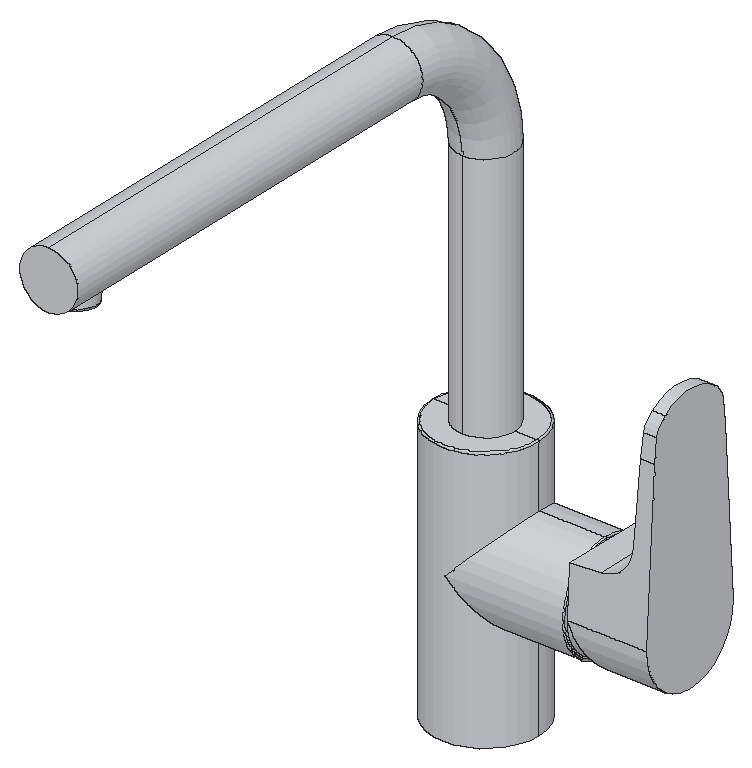
Revit family "Faucet-Kitchen-KOHLER-ALEO-K-99175T_1", category Plumbing Fixtures, host Face, Revit 2017
Family settings
  Host = Face
  Round Connector Dimension = Use Diameter
  Part Type = Normal
  OmniClass Number = 23.31.11.00
  Cut with Voids When Loaded = No
  Shared = No
  Room Calculation Point = No
Parameters (values of type "CP-Polished Chrome")
  Width = 1 13/16"  # constant formula
  WaterSense Certified = 1 = 0  # no
  Waste Water Outlet = "Waste Water Outlet"  # constant formula
  Waste Connection = 1 = 0  # no
  Vent Connection = 1 = 0  # no
  URL = "http://www.kohler.com.cn/"
  Type = 1
  Spout Reach = 8 179/256"  # constant formula
  Product Page URL = "https://www.kohler.com.cn/product/K-99175T-4-CP/K-99175T-4-CP/"
  Product Name = "ALEO"  # constant formula
  Product Documentation Link = "https://files.kohler.com.cn/pdfs/1474614101871_99175t.pdf"
  Pressure = 60.00 psi  # constant formula
  Model = "K-99175T-4-CP"  # constant formula
  Material = "Premium Metal Construction"  # constant formula
  Master Format 2014 Name = "Residential Faucets, Supplies, and Trim"  # constant formula
  Master Format 2014 = "22 41 39"  # constant formula
  Manufacturer Address = "Kohler Beijing Office (100016) 36-2-03-B, No. 88, Liuxiang Road, Beijing"  # constant formula
  Manufacturer = "KOHLER Co."  # constant formula
  Length = Spout Reach  # 8 179/256"
  Hot Water Inlet = "Hot Water Inlet"  # constant formula
  Height = 11 41/256"  # constant formula
  Handle Clearance = 3 159/256"  # constant formula
  HW Connection = 1 = 1  # yes
  Flow Rate = 1.5 GPM  # constant formula
  Finish = Kohler-Metal-CP-Polished_Chrome
  Environmental Product Declaration = ""
  Drain Included = 1 = 0  # no
  Description = "Pull-out kitchen faucet"  # constant formula
  Default Elevation = 36"
  Declare Label = ""
  Date Modified = "09/28/2020"  # constant formula
  Date Created = "09/28/2020"  # constant formula
  Copyright = "Copyright KOHLER Co."  # constant formula
  Contact Us = "http://www.kohler.com.cn/contact/contact-us/"
  Cold Water Inlet = "Cold Water Inlet"  # constant formula
  CW Connection = 1 = 1  # yes
  Assembly Code = "D2010"
  ADA Compliant = 1 = 0  # no
Reference planes (in)
  plane 1 "Center (Front/Back)": y = 0
  plane 2: z = 0
  plane 3 "Center (Left/Right)": x = 0
  plane 4: y = -0.90551
  plane 5: y = 0.90551
  plane 6: x = -0.90551
  plane 7: x = 0.90699
  plane 8: y = -9.25197
  plane 9: x = 3.46457
  plane 10: x = 0.49213
  plane 11: x = -0.49213
  plane 12: z = 6.14078
  plane 13: z = 4.48819
  plane 14: z = 2.51969
  plane 15: z = 10.17717
  plane 16: z = 10.66929
  plane 17: y = -8.69922
  plane 18: x = -0.3937
  plane 19: x = 0.3937
  plane 20: z = 11.16016
  plane 21: z = 3.42513
  plane 22: z = 1.61424
  plane 23: y = -4.40945
  plane 24: z = 10.13377
Dimensions and locks (in)
  "Width": plane 6 to plane 7
  "Spout Reach": plane 17 to plane 1 "Center (Front/Back)"
  "Height": plane 20 to level
  "Length": plane 17 to plane 1 "Center (Front/Back)"
  "Handle Clearance": plane 12 to plane 14
  plane 13 to level = 4.48819"
  plane 14 to level = 2.51969"
  plane 12 to level = 6.14078"
  plane 9 to plane 3 "Center (Left/Right)" = 3.46457"
  plane 11 to plane 10 = 0.98425"
  plane 20 to plane 15 = 0.98299"
  plane 1 "Center (Front/Back)" to plane 8 = 9.25197"
  plane 23 to plane 8 = 4.84252"
  level to plane 16 = 10.66929"
  plane 24 to level = 10.13377"
  aligned and locked: plane 2 to host face
  aligned and locked: level to host face
Automatic sketch dimensions
  host sketch curve to host sketch curve = 96"  (x2)
Nested families (in)
  nested 1: "K-99175T" at (-0.00028, 0, 0), type "K-99175T"
Connectors (in)
  piping at (-0.39398, 0, 0), diameter 0.5, driven by "Flow Rate", driven by "HW Connection", driven by "Hot Water Inlet", driven by "Pressure"
    settings: on nested 1, index 1, connector inside diameter 24", connector length 0", flow factor 0, pipe flow 1.5 GPM, pressure drop 60.00 psi, fitting loss kfactor 0, connector angle 0.00°, fixture units 0, engagement length 0", angle of deflection 0.00°, flow configuration 1, flow direction 1, fitting loss method 4, system type 19, joint type 0, gender type 0, connector reference index -1, connector utility 1, adjustable connector no, is connector primary yes, connector description "Hot Water Inlet"
  piping at (0.39342, 0, 0), diameter 0.5, driven by "Flow Rate", driven by "CW Connection", driven by "Cold Water Inlet", driven by "Pressure"
    settings: on nested 1, index 2, connector inside diameter 24", connector length 0", flow factor 0, pipe flow 1.5 GPM, pressure drop 60.00 psi, fitting loss kfactor 0, connector angle 0.00°, fixture units 0, engagement length 0", angle of deflection 0.00°, flow configuration 1, flow direction 1, fitting loss method 4, system type 20, joint type 0, gender type 0, connector reference index -1, connector utility 1, adjustable connector no, is connector primary no, connector description "Cold Water Inlet"
Definition of nested family "K-99175T"
  Parameters (values of type "K-99175T")
    Material = none
  Reference planes (in)
    plane 1 "Center (Front/Back)": y = 0
    plane 2: z = 0
    plane 3 "Center (Left/Right)": x = 0
    plane 4: y = -0.90551
    plane 5: y = 0.90551
    plane 6: z = 10.66929
    plane 7: y = -9.25197
    plane 8: y = -8.70079
    plane 9: z = 10.17717
    plane 10: z = 11.16142
    plane 11: x = 0.90551
    plane 12: x = -0.90551
    plane 13: z = 6.14173
    plane 14: z = 2.51969
    plane 15: x = -0.3937
    plane 16: x = 0.3937
    plane 17: x = 3.46457
    plane 18: z = 4.48819
    plane 19: x = 0.49213
    plane 20: x = -0.49213
    plane 21: y = -4.40945
  Forms (in)
    Revolve 1, solid, material <- "Material", detail levels medium+fine
      sketch origin (0, 0, 0) x (1, 0, 0) y (0, 0, 1)
        loop
          line (0, 0) -> (0, 4.48819) -> (-0.877, 4.48819)
          arc (-0.877, 4.48819) -> (-0.89578, 4.48041) -> (-0.90356, 4.46163) r 0.02656
          line (-0.90356, 4.46163) -> (-0.90356, 0) -> (0, 0)
        axis (0, 4.48819) -> (0, 0)
      angle from 0 to 360
    Sweep 2, solid, material <- "Material"
      path origin (0, 0, 0) x (0, 1, 0) y (0, 0, 1)
        loop
          line (0, 4.48819) -> (0, 8.71381)
          arc (0, 8.71381) -> (-0.57275, 10.09654) -> (-1.95549, 10.66929) r 1.95549
          line (-1.95549, 10.66929) -> (-9.25197, 10.66929)
      profile origin (0, 0, 6.601) x (0, -1, 0) y (1, 0, 0)
        loop
          circle (0, 0) r 0.49213
    Revolve 3, solid, material <- "Material", detail levels medium+fine
      sketch origin (0, 0, 0) x (1, 0, 0) y (0, 0, 1)
        loop
          line (2.59134, 2.51969) -> (2.59134, 2.95287)
          arc (2.59134, 2.95287) -> (2.37229, 3.22919) -> (2.04724, 3.36584) r 0.70914
          line (2.04724, 3.36584) -> (2.04724, 3.40024)
          arc (2.04724, 3.40024) -> (2.04117, 3.41491) -> (2.02649, 3.42099) r 0.02075
          line (2.02649, 3.42099) -> (-0.00009, 3.42099) -> (-0.00009, 2.51969) -> (2.59134, 2.51969)
        axis (-0.00009, 2.51969) -> (2.59134, 2.51969)
      angle from 0 to 360
    Extrusion 4, solid, material <- "Material", detail levels medium+fine
      sketch origin (0, 0, 0) x (1, 0, 0) y (0, 0, 1)
        loop
          line (2.1131, 2.55661) -> (2.65445, 1.4161) -> (3.44322, 1.4161)
          arc (3.44322, 1.4161) -> (3.45832, 1.42235) -> (3.46457, 1.43744) r 0.02134
          line (3.46457, 1.43744) -> (3.46457, 6.2885)
          arc (3.46457, 6.2885) -> (3.35508, 6.25233) -> (3.25488, 6.19528) r 0.58189
          line (3.25488, 6.19528) -> (3.17925, 4.02956)
          arc (3.17925, 4.02956) -> (3.01387, 3.63994) -> (2.63025, 3.46106) r 0.59055
          line (2.63025, 3.46106) -> (2.1131, 3.4249) -> (2.1131, 2.55661)
      from -1.72461 to 1.8964
    Revolve 5, solid, material <- "Material", detail levels medium+fine
      sketch origin (0, 0, 0) x (0, 1, 0) y (0, 0, 1)
        loop
          line (-9.0415, 10.16269) -> (-8.98001, 10.15731)
          arc (-8.98001, 10.15731) -> (-8.96163, 10.16311) -> (-8.95273, 10.18021) r 0.02519
          line (-8.95273, 10.18021) -> (-8.94783, 10.23623) -> (-8.70698, 10.21516) -> (-8.67993, 10.52429) -> (-9.03206, 10.55509) -> (-9.06404, 10.18955)
          arc (-9.06404, 10.18955) -> (-9.05834, 10.17145) -> (-9.0415, 10.16269) r 0.02479
        axis (-8.67993, 10.52429) -> (-8.71407, 10.13405)
      angle from 0 to 360
    Extrusion 6, void
      sketch origin (0, 0, 0) x (0, 1, 0) y (0, 0, 1)
        loop
          line (0.90521, 2.57468) -> (0.74771, 5.34731)
          arc (0.74771, 5.34731) -> (0.72934, 5.53724) -> (0.696, 5.72512) r 2.40836
          arc (0.696, 5.72512) -> (0.64734, 5.85546) -> (0.5641, 5.96693) r 0.49126
          arc (0.5641, 5.96693) -> (0.02711, 6.16468) -> (-0.51944, 5.99511) r 0.89119
          arc (-0.51944, 5.99511) -> (-0.63256, 5.87636) -> (-0.696, 5.72512) r 0.45314
          arc (-0.696, 5.72512) -> (-0.72934, 5.53724) -> (-0.74771, 5.34731) r 2.40836
          line (-0.74771, 5.34731) -> (-0.90521, 2.57468)
          arc (-0.90521, 2.57468) -> (0, 1.61659) -> (0.90521, 2.57468) r 0.90667
        loop
          line (-3.07128, 7.58169) -> (-3.07128, 0.88878) -> (2.44054, 0.88878) -> (2.44054, 7.58169) -> (-3.07128, 7.58169)
      from 2.04724 to 5.81188
    Extrusion 7, void
      sketch origin (0, 0, 0) x (1, 0, 0) y (0, 1, 0)
        loop
          circle (0, -4.40945) r 0.14147
        loop
          circle (0, -3.87783) r 0.1378
        loop
          circle (0, -6.10227) r 0.11024
      from 10.05382 to 10.32389
    Extrusion 8, solid, material <- "Material", detail levels medium+fine
      sketch origin (0, 0, 0) x (1, 0, 0) y (0, 1, 0)
        loop
          circle (-0.3937, 0) r 0.25
        loop
          circle (0.3937, 0) r 0.25
      from 0 to 0.04437
    Revolve 9, solid, material <- "Material", detail levels medium+fine
      sketch origin (0, 0, 0) x (0, 1, 0) y (0, 0, 1)
        loop
          line (0.9252, 3.95669) -> (0.9252, 4.14173)
          arc (0.9252, 4.14173) -> (0.9137, 4.16795) -> (0.88662, 4.17725) r 0.03564
          arc (0.88662, 4.17725) -> (0.8587, 4.06861) -> (0.85111, 3.95669) r 0.61103
          line (0.85111, 3.95669) -> (0.9252, 3.95669)
        axis (0.85111, 3.95669) -> (0.9252, 3.95669)
      angle from 0 to 360
    Revolve 10, solid, material <- "Material", detail levels coarse
      sketch origin (0, 0, 0) x (1, 0, 0) y (0, 0, 1)
        loop
          line (0, 0) -> (0, 4.48819) -> (-0.92114, 4.48819) -> (-0.92114, 0) -> (0, 0)
        axis (0, 4.48819) -> (0, 0)
      angle from 0 to 360
    Revolve 11, solid, material <- "Material", detail levels coarse
      sketch origin (0, 0, 0) x (1, 0, 0) y (0, 0, 1)
        loop
          line (3.30244, 2.51969) -> (3.30244, 3.4249) -> (-0.00009, 3.4249) -> (-0.00009, 2.51969) -> (3.30244, 2.51969)
        axis (-0.00009, 2.51969) -> (3.30244, 2.51969)
      angle from 0 to 360
    Extrusion 12, solid, material <- "Material", detail levels coarse
      sketch origin (0, 0, 0) x (1, 0, 0) y (0, 0, 1)
        loop
          line (3.46457, 1.61551) -> (3.46457, 6.2885)
          arc (3.46457, 6.2885) -> (3.35508, 6.25233) -> (3.25488, 6.19528) r 0.58189
          line (3.25488, 6.19528) -> (3.09495, 1.61551) -> (3.46457, 1.61551)
      from -1.72461 to 1.8964
  Cuts and joins
    joined: Revolve 1, Revolve 5, Revolve 9
    Extrusion 6 cuts Extrusion 4
    joined: Revolve 3, Extrusion 4
    Extrusion 6, Extrusion 7 cuts Sweep 2
    Extrusion 6 cuts Extrusion 12
    joined: Revolve 10, Extrusion 12
  Lines and regions (in)
    Masking region 1
      outline origin (0, 0, 0) x (1, 0, 0) y (0, 1, 0)
        loop
          arc (0, -9.25197) -> (0.23041, -9.23936) -> (0.45919, -9.20923) r 3.02755
          arc (0.45919, -9.20923) -> (0.48279, -9.19574) -> (0.49213, -9.1702) r 0.0396
          line (0.49213, -9.1702) -> (0.49213, -4.42921)
          arc (0.49213, -4.42921) -> (0.48634, -4.41524) -> (0.47236, -4.40945) r 0.01977
          arc (0.47236, -4.40945) -> (0.48634, -4.40366) -> (0.49213, -4.38968) r 0.01977
          line (0.49213, -4.38968) -> (0.49213, -0.90551) -> (2.02031, -0.90551)
          arc (2.02031, -0.90551) -> (2.03935, -0.89762) -> (2.04724, -0.87857) r 0.02694
          line (2.04724, -0.87857) -> (2.04724, -0.8466) -> (2.1131, -0.83851) -> (2.1131, -0.90606) -> (3.44341, -0.90606)
          arc (3.44341, -0.90606) -> (3.45837, -0.89986) -> (3.46457, -0.88489) r 0.02116
          line (3.46457, -0.88489) -> (3.46457, 0.88489)
          arc (3.46457, 0.88489) -> (3.45837, 0.89986) -> (3.44341, 0.90606) r 0.02116
          line (3.44341, 0.90606) -> (2.1131, 0.90606) -> (2.1131, 0.83851) -> (2.04724, 0.8466) -> (2.04724, 0.87857)
          arc (2.04724, 0.87857) -> (2.03935, 0.89762) -> (2.02031, 0.90551) r 0.02694
          line (2.02031, 0.90551) -> (0.21434, 0.90551)
          arc (0.21434, 0.90551) -> (0.20269, 0.91982) -> (0.18504, 0.9252) r 0.03165
          line (0.18504, 0.9252) -> (-0.18504, 0.9252)
          arc (-0.18504, 0.9252) -> (-0.21303, 0.91049) -> (-0.21681, 0.8791) r 0.034
          arc (-0.21681, 0.8791) -> (-0.893, 0.14997) -> (-0.49213, -0.76006) r 0.90542
          line (-0.49213, -0.76006) -> (-0.49213, -4.38968)
          arc (-0.49213, -4.38968) -> (-0.48634, -4.40366) -> (-0.47236, -4.40945) r 0.01977
          arc (-0.47236, -4.40945) -> (-0.48634, -4.41524) -> (-0.49213, -4.42921) r 0.01977
          line (-0.49213, -4.42921) -> (-0.49213, -9.1702)
          arc (-0.49213, -9.1702) -> (-0.48279, -9.19574) -> (-0.45919, -9.20923) r 0.0396
          arc (-0.45919, -9.20923) -> (-0.23041, -9.23936) -> (0, -9.25197) r 3.02755
    Masking region 2
      outline origin (0, 0, 0) x (1, 0, 0) y (0, 0, 1)
        loop
          line (0.90551, 0) -> (0.90551, 1.35095)
          arc (0.90551, 1.35095) -> (0.98261, 1.53708) -> (1.16874, 1.61417) r 0.26322
          line (1.16874, 1.61417) -> (2.02086, 1.61417)
          arc (2.02086, 1.61417) -> (2.03952, 1.6219) -> (2.04724, 1.64056) r 0.02638
          line (2.04724, 1.64056) -> (2.04724, 1.67339)
          arc (2.04724, 1.67339) -> (2.26299, 1.71452) -> (2.46301, 1.80522) r 0.92761
          line (2.46301, 1.80522) -> (2.5521, 1.61417) -> (3.43682, 1.61417)
          arc (3.43682, 1.61417) -> (3.45644, 1.6223) -> (3.46457, 1.64192) r 0.02774
          line (3.46457, 1.64192) -> (3.46457, 6.14173)
          arc (3.46457, 6.14173) -> (3.41714, 6.12369) -> (3.37781, 6.09164) r 0.1591
          arc (3.37781, 6.09164) -> (3.30791, 5.98926) -> (3.26617, 5.87253) r 0.48616
          arc (3.26617, 5.87253) -> (3.22499, 5.66187) -> (3.21398, 5.4475) r 1.51575
          arc (3.21398, 5.4475) -> (3.20818, 4.88354) -> (3.18958, 4.31984) r 24.86208
          arc (3.18958, 4.31984) -> (3.16444, 4.06082) -> (3.11233, 3.80586) r 2.48269
          arc (3.11233, 3.80586) -> (2.94692, 3.56657) -> (2.67847, 3.45453) r 0.51681
          arc (2.67847, 3.45453) -> (2.39621, 3.43155) -> (2.1131, 3.4249) r 4.90458
          line (2.1131, 3.4249) -> (2.1131, 3.35892) -> (2.04724, 3.36584) -> (2.04724, 3.39785)
          arc (2.04724, 3.39785) -> (2.03932, 3.41697) -> (2.0202, 3.4249) r 0.02704
          line (2.0202, 3.4249) -> (1.18517, 3.4249)
          arc (1.18517, 3.4249) -> (0.98742, 3.5068) -> (0.90551, 3.70455) r 0.27965
          line (0.90551, 3.70455) -> (0.90551, 4.46176)
          arc (0.90551, 4.46176) -> (0.89777, 4.48045) -> (0.87908, 4.48819) r 0.02643
          line (0.87908, 4.48819) -> (0.49213, 4.48819) -> (0.49213, 10.66929)
          arc (0.49213, 10.66929) -> (0.34799, 11.01728) -> (0, 11.16142) r 0.49213
          arc (0, 11.16142) -> (-0.34799, 11.01728) -> (-0.49213, 10.66929) r 0.49213
          line (-0.49213, 10.66929) -> (-0.49213, 4.48819) -> (-0.87908, 4.48819)
          arc (-0.87908, 4.48819) -> (-0.89777, 4.48045) -> (-0.90551, 4.46176) r 0.02643
          line (-0.90551, 4.46176) -> (-0.90551, 0) -> (0.90551, 0)
    Masking region 3
      outline origin (0, 0, 0) x (0, 1, 0) y (0, 0, 1)
        loop
          line (0.90551, 0) -> (0.90551, 3.73992)
          arc (0.90551, 3.73992) -> (0.91988, 3.75298) -> (0.9252, 3.77165) r 0.03542
          line (0.9252, 3.77165) -> (0.9252, 4.14173)
          arc (0.9252, 4.14173) -> (0.91976, 4.15859) -> (0.90551, 4.16911) r 0.02888
          line (0.90551, 4.16911) -> (0.90551, 4.46015)
          arc (0.90551, 4.46015) -> (0.8973, 4.47998) -> (0.87747, 4.48819) r 0.02804
          line (0.87747, 4.48819) -> (0.80222, 4.48819) -> (0.77747, 4.96054)
          arc (0.77747, 4.96054) -> (0.76058, 5.23103) -> (0.73827, 5.50112) r 13.53598
          arc (0.73827, 5.50112) -> (0.71086, 5.66871) -> (0.66042, 5.83086) r 1.21873
          arc (0.66042, 5.83086) -> (0.59021, 5.93853) -> (0.49202, 6.02147) r 0.4425
          line (0.49202, 6.02147) -> (0.49202, 8.6929)
          arc (0.49202, 8.6929) -> (-0.23099, 10.4384) -> (-1.9765, 11.16142) r 2.46852
          line (-1.9765, 11.16142) -> (-9.18142, 11.16142)
          arc (-9.18142, 11.16142) -> (-9.20721, 11.15186) -> (-9.22054, 11.1278) r 0.03957
          arc (-9.22054, 11.1278) -> (-9.24572, 10.89919) -> (-9.25197, 10.66929) r 2.78853
          arc (-9.25197, 10.66929) -> (-9.24572, 10.43939) -> (-9.22054, 10.21078) r 2.78853
          arc (-9.22054, 10.21078) -> (-9.20721, 10.18672) -> (-9.18142, 10.17717) r 0.03957
          line (-9.18142, 10.17717) -> (-9.07412, 10.17717)
          arc (-9.07412, 10.17717) -> (-9.06069, 10.1695) -> (-9.04659, 10.16314) r 0.16456
          line (-9.04659, 10.16314) -> (-8.38522, 10.10527)
          arc (-8.38522, 10.10527) -> (-8.36994, 10.11009) -> (-8.36255, 10.12429) r 0.02092
          line (-8.36255, 10.12429) -> (-8.35792, 10.17717) -> (-1.97629, 10.17717)
          arc (-1.97629, 10.17717) -> (-0.92675, 9.74243) -> (-0.49202, 8.6929) r 1.48427
          line (-0.49202, 8.6929) -> (-0.49202, 6.02147)
          arc (-0.49202, 6.02147) -> (-0.59021, 5.93853) -> (-0.66042, 5.83086) r 0.4425
          arc (-0.66042, 5.83086) -> (-0.71086, 5.66871) -> (-0.73827, 5.50112) r 1.21873
          arc (-0.73827, 5.50112) -> (-0.76058, 5.23103) -> (-0.77747, 4.96054) r 13.53598
          line (-0.77747, 4.96054) -> (-0.80222, 4.48819) -> (-0.87747, 4.48819)
          arc (-0.87747, 4.48819) -> (-0.8973, 4.47998) -> (-0.90551, 4.46015) r 0.02804
          line (-0.90551, 4.46015) -> (-0.90551, 0) -> (0.90551, 0)
    symbolic lines, detail levels medium+fine
      curve 1: line (0.21434, 0.90551, 0) -> (-0.00009, 0.90551, 0)
      curve 2: arc (-0.00009, 0.90551, 0) -> (-0.10925, 0.89888, 0) -> (-0.21681, 0.8791, 0) r 0.90239
      curve 3: line (2.04724, 0.84616, 0) -> (2.04724, -0.84616, 0)
      curve 4: line (2.1131, -0.83851, 0) -> (2.1131, 0.83851, 0)
      curve 5: line (-0.49213, -9.1702, 0) -> (0.49213, -9.1702, 0)
      curve 6: line (-0.47236, -4.40945, 0) -> (0.47236, -4.40945, 0)
      curve 7: arc (0.00009, 0.90542, 0) -> (0.86822, 0.25655, 0) -> (0.49213, -0.75994, 0) r 0.90542
      curve 8: arc (0.49213, -0.72649, 0) -> (-0.0002, 0.87753, 0) -> (-0.49213, -0.72661, 0) r 0.87753
      curve 9: arc (3.39295, 0.73725, 0) -> (3.33829, 0.6855, 0) -> (3.30836, 0.61644, 0) r 0.18764
      curve 10: arc (3.30836, 0.61644, 0) -> (3.22683, 0.3134, 0) -> (3.21073, 0, 0) r 1.48641
      curve 11: arc (3.07769, 0.90551, 0) -> (3.22007, 0.89228, 0) -> (3.35958, 0.86086, 0) r 1.11047
      curve 12: arc (3.35958, 0.86086, 0) -> (3.39016, 0.80281, 0) -> (3.39295, 0.73725, 0) r 0.14961
      curve 13: arc (3.39295, 0.73725, 0) -> (3.40494, 0.36872, 0) -> (3.40253, 0, 0) r 9.43409
      curve 14: arc (3.39295, -0.73725, 0) -> (3.33829, -0.6855, 0) -> (3.30836, -0.61644, 0) r 0.18764
      curve 15: arc (3.30836, -0.61644, 0) -> (3.22683, -0.3134, 0) -> (3.21073, 0, 0) r 1.48641
      curve 16: arc (3.07769, -0.90551, 0) -> (3.22007, -0.89228, 0) -> (3.35958, -0.86086, 0) r 1.11047
      curve 17: arc (3.35958, -0.86086, 0) -> (3.39016, -0.80281, 0) -> (3.39295, -0.73725, 0) r 0.14961
      curve 18: arc (3.39295, -0.73725, 0) -> (3.40494, -0.36872, 0) -> (3.40253, 0, 0) r 9.43409
      curve 19: arc (2.85285, 0, 0) -> (2.84915, 0.45316, 0) -> (2.87645, 0.90551, 0) r 6.6197
      curve 20: arc (2.85285, 0, 0) -> (2.84915, -0.45316, 0) -> (2.87645, -0.90551, 0) r 6.6197
      curve 21: arc (0.49213, 0, 0) -> (0, 0.49213, 0) -> (-0.49213, 0, 0) r 0.49213
      curve 22: line (0.49213, -0.90551, 0) -> (0.49213, 0, 0)
      curve 23: line (-0.49213, -0.90551, 0) -> (-0.49213, 0, 0)
      curve 24: line (-0.49213, 0, 4.48819) -> (0.49213, 0, 4.48819)
      curve 25: line (2.04724, 0, 3.36584) -> (2.04724, 0, 1.67339)
      curve 26: line (2.46301, 0, 1.80522) -> (2.1131, 0, 2.51969)
      curve 27: line (2.1131, 0, 3.35892) -> (2.1131, 0, 2.51969)
      curve 28: arc (0.49213, 0, 10.66929) -> (0, 0, 10.17717) -> (-0.49213, 0, 10.66929) r 0.49213
      curve 29: line (-0.35274, 0, 10.32612) -> (-0.35274, 0, 10.12802)
      curve 30: line (0.35274, 0, 10.32612) -> (0.35274, 0, 10.12802)
      curve 31: arc (0, 0, 1.2664) -> (0, -0.20743, 1.27422) -> (0, -0.41306, 1.30254) r 2.09316
      curve 32: arc (0, -0.41306, 1.30254) -> (0, -0.49837, 1.32264) -> (0, -0.58153, 1.35031) r 0.97615
      curve 33: arc (0, -0.58153, 1.35031) -> (0, -0.68952, 1.40939) -> (0, -0.77792, 1.49505) r 0.45894
      curve 34: arc (0, -0.77792, 1.49505) -> (0, -0.83833, 1.59606) -> (0, -0.87128, 1.70904) r 0.46229
      curve 35: arc (0, -0.87128, 1.70904) -> (0, -0.89348, 1.88299) -> (0, -0.90551, 2.05795) r 3.00948
      curve 36: arc (0, 0, 1.2664) -> (0, 0.20743, 1.27422) -> (0, 0.41306, 1.30254) r 2.09316
      curve 37: arc (0, 0.41306, 1.30254) -> (0, 0.49837, 1.32264) -> (0, 0.58153, 1.35031) r 0.97615
      curve 38: arc (0, 0.58153, 1.35031) -> (0, 0.68952, 1.40939) -> (0, 0.77792, 1.49505) r 0.45894
      curve 39: arc (0, 0.77792, 1.49505) -> (0, 0.83833, 1.59606) -> (0, 0.87128, 1.70904) r 0.46229
      curve 40: arc (0, 0.87128, 1.70904) -> (0, 0.89348, 1.88299) -> (0, 0.90551, 2.05795) r 3.00948
      curve 41: arc (0, -0.90551, 2.51969) -> (0, 0, 1.61417) -> (0, 0.90551, 2.51969) r 0.90551
      curve 42: line (0, -0.90551, 2.51969) -> (0, -0.80235, 4.48819)
      curve 43: line (0, 0.90551, 2.51969) -> (0, 0.80235, 4.48819)
      curve 44: arc (0, 0.49137, 6.01917) -> (0, -0.00075, 6.14173) -> (0, -0.49288, 6.01917) r 1.04929
      curve 45: line (0, -4.40945, 10.2117) -> (0, -4.40945, 11.16142)
      curve 46: arc (0, -4.56033, 10.17717) -> (0, -4.40942, 10.2117) -> (0, -4.25852, 10.17717) r 0.34696
      curve 47: arc (0, -4.01575, 10.17717) -> (0, -3.87675, 10.20875) -> (0, -3.73775, 10.17717) r 0.3217
      curve 48: arc (0, 0.90551, 4.16911) -> (0, 0.87549, 3.95452) -> (0, 0.90551, 3.73992) r 0.78206
      curve 49: line (3.30791, 0, 5.98926) -> (3.30791, 0, 3.37183)
      curve 50: line (2.1131, 0, 2.55661) -> (2.49269, 0, 2.55661)
      curve 51: arc (2.49269, 0, 2.55661) -> (3.06913, 0, 2.79538) -> (3.30791, 0, 3.37183) r 0.81522
      curve 52: spline (-0.35274, 0, 10.12802) -> (-0.34072, 0, 10.11945) -> (-0.30548, 0, 10.11146) -> (-0.24942, 0, 10.1046) -> (-0.17637, 0, 10.09934) -> (-0.09129, 0, 10.09603) -> (0, 0, 10.0949) -> (0.09129, 0, 10.09603) -> (0.17637, 0, 10.09934) -> (0.24942, 0, 10.1046) -> (0.30548, 0, 10.11146) -> (0.34072, 0, 10.11945) -> (0.35274, 0, 10.12802) -> (0.34072, 0, 10.1366) -> (0.30548, 0, 10.14459) -> (0.24942, 0, 10.15144) -> (0.17637, 0, 10.15671) -> (0.09129, 0, 10.16002) -> (0, 0, 10.16115) -> (-0.09129, 0, 10.16002) -> (-0.17637, 0, 10.15671) -> (-0.24942, 0, 10.15144) -> (-0.30548, 0, 10.14459) -> (-0.34072, 0, 10.1366) -> (-0.35274, 0, 10.12802)
      curve 53: arc (0, -8.35792, 10.17717) -> (0, -8.71602, 10.37676) -> (0, -9.07412, 10.17717) r 0.42104
  Dimensions and locks (in)
    plane 7 to curve 6 = 4.84252"
    aligned and locked: level to plane 2
